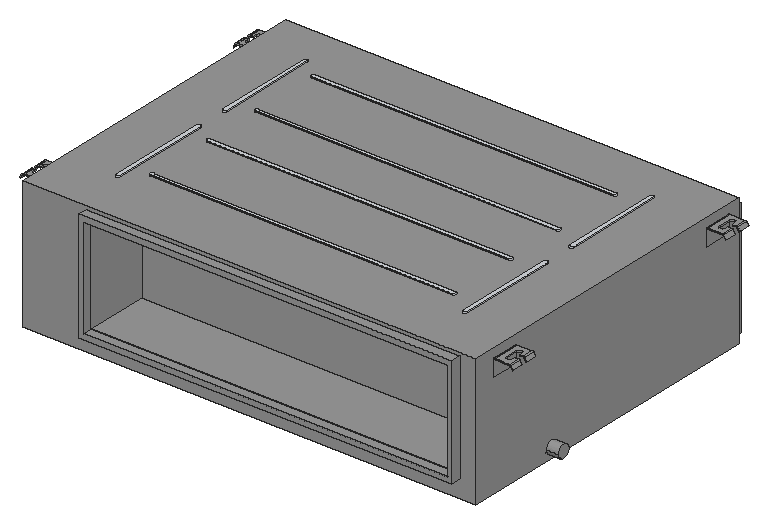
Revit family "GMV-ND56-80PMSA1-T", category 机械设备, Revit 2014
Parameters (values of type "GMV-ND80PMS/A1-T")
  unit width = 900 mm
  unit height = 260 mm
  unit depth = 654.5 mm
  liquid pipe = 9.52 mm
  heating capacity = 9000 W
  gas pipe = 15.9 mm
  drain pipe = 25 mm
  cooling capacity = 8000 W
  air return width = 871 mm
  air return height = 232.777 mm
  air outlet width = 739.6 mm
  air outlet height = 215 mm
Types (5, lengths in mm): name | heating capacity | cooling capacity
  (no name) | 9000 W | 8000 W
  GMV-ND56PMS/A1-T | 6300 W | 5600 W
  GMV-ND63PMS/A1-T | 7100 W | 6300 W
  GMV-ND71PMS/A1-T | 8000 W | 7100 W
  GMV-ND80PMS/A1-T | 9000 W | 8000 W
Reference planes
  plane 1 "中心(前/后)": y = 0
  plane 2: z = 0
  plane 3 "中心(左/右)": x = 0
  plane 4: z = 253.8
  plane 5: z = 38.8
  plane 6: y = -348.282
Forms (mm)
  Extrusion 1, solid, material "cabinet"
    sketch origin (0, 0, 0) x (1, 0, 0) y (0, 1, 0)
      loop
        line (-450, 306.218) -> (-450, -347.282) -> (450, -347.282) -> (450, 306.218) -> (-450, 306.218)
    from 0 to 260
  Extrusion 2, solid
    sketch origin (0, 0, 0) x (1, 0, 0) y (0, 1, 0)
      loop
        arc (-341.381, 222.468) -> (-345, 226.087) -> (-348.619, 222.468) r 3.619
        line (-348.619, 222.468) -> (-348.619, 22.468)
        arc (-348.619, 22.468) -> (-345, 18.849) -> (-341.381, 22.468) r 3.619
        line (-341.381, 22.468) -> (-341.381, 222.468)
      loop
        arc (348.619, 222.468) -> (345, 226.087) -> (341.381, 222.468) r 3.619
        line (341.381, 222.468) -> (341.381, 22.468)
        arc (341.381, 22.468) -> (345, 18.849) -> (348.619, 22.468) r 3.619
        line (348.619, 22.468) -> (348.619, 222.468)
      loop
        arc (348.619, -41.907) -> (345, -38.288) -> (341.381, -41.907) r 3.619
        line (341.381, -41.907) -> (341.381, -241.907)
        arc (341.381, -241.907) -> (345, -245.526) -> (348.619, -241.907) r 3.619
        line (348.619, -241.907) -> (348.619, -41.907)
      loop
        arc (-341.381, -42.363) -> (-345, -38.744) -> (-348.619, -42.363) r 3.619
        line (-348.619, -42.363) -> (-348.619, -242.363)
        arc (-348.619, -242.363) -> (-345, -245.982) -> (-341.381, -242.363) r 3.619
        line (-341.381, -242.363) -> (-341.381, -42.363)
      loop
        arc (-305, 196.337) -> (-308.619, 192.718) -> (-305, 189.099) r 3.619
        line (-305, 189.099) -> (295, 189.099)
        arc (295, 189.099) -> (298.619, 192.718) -> (295, 196.337) r 3.619
        line (295, 196.337) -> (-305, 196.337)
      loop
        arc (-305, 56.337) -> (-308.619, 52.718) -> (-305, 49.099) r 3.619
        line (-305, 49.099) -> (295, 49.099)
        arc (295, 49.099) -> (298.619, 52.718) -> (295, 56.337) r 3.619
        line (295, 56.337) -> (-305, 56.337)
      loop
        arc (-305, -63.663) -> (-308.619, -67.282) -> (-305, -70.901) r 3.619
        line (-305, -70.901) -> (295, -70.901)
        arc (295, -70.901) -> (298.619, -67.282) -> (295, -63.663) r 3.619
        line (295, -63.663) -> (-305, -63.663)
      loop
        arc (-305, -203.663) -> (-308.619, -207.282) -> (-305, -210.901) r 3.619
        line (-305, -210.901) -> (295, -210.901)
        arc (295, -210.901) -> (298.619, -207.282) -> (295, -203.663) r 3.619
        line (295, -203.663) -> (-305, -203.663)
    from 260 to 261.8
  Extrusion 3, solid, material "cabinet"
    sketch origin (0, 0, 0) x (1, 0, 0) y (0, 0, 1)
      loop
        line (-324.234, 253.8) -> (-324.234, 33.75) -> (418.473, 33.75) -> (418.473, 253.8) -> (-324.234, 253.8)
    from 347.282 to 366.532
  Extrusion 4, void
    sketch origin (0, 0, 0) x (1, 0, 0) y (0, 0, 1)
      loop
        line (-314.734, 243.3) -> (-314.734, 44.25) -> (409.766, 44.25) -> (409.766, 243.3) -> (-314.734, 243.3)
    from 221.543 to 417.585
  Extrusion 5, solid, material "cabinet"
    sketch origin (0, 0, 0) x (1, 0, 0) y (0, 0, 1)
      loop
        line (-488.597, 233.443) -> (-484.847, 239.939)
        arc (-484.847, 239.939) -> (-484.436, 240.35) -> (-483.876, 240.5) r 1.121
        line (-483.876, 240.5) -> (-451.959, 240.5)
        arc (-451.959, 240.5) -> (-451.447, 240.288) -> (-451.234, 239.775) r 0.725
        line (-451.234, 239.775) -> (-451.234, 208.745) -> (-449.234, 208.745) -> (-449.234, 240)
        arc (-449.234, 240) -> (-449.967, 241.768) -> (-451.734, 242.5) r 2.5
        line (-451.734, 242.5) -> (-484.234, 242.5)
        arc (-484.234, 242.5) -> (-485.484, 242.165) -> (-486.399, 241.25) r 2.5
        line (-486.399, 241.25) -> (-490.329, 234.443) -> (-488.597, 233.443)
    from 249.282 to 304.282
  Extrusion 6, void
    sketch origin (0, 0, 0) x (1, 0, 0) y (0, 1, 0)
      loop
        line (-490.329, -270.767) -> (-490.329, -282.782) -> (-477, -282.782) -> (-477, -288.282)
        arc (-477, -288.282) -> (-471, -294.282) -> (-465, -288.282) r 6
        line (-465, -288.282) -> (-465, -265.282)
        arc (-465, -265.282) -> (-471, -259.282) -> (-477, -265.282) r 6
        line (-477, -265.282) -> (-477, -270.767) -> (-490.329, -270.767)
    from 231.214 to 250
  Extrusion 7, solid, material "cabinet"
    sketch origin (0, 529.75, 0) x (1, 0, 0) y (0, 0, 1)
      loop
        line (-488.597, 233.443) -> (-484.847, 239.939)
        arc (-484.847, 239.939) -> (-484.436, 240.35) -> (-483.876, 240.5) r 1.121
        line (-483.876, 240.5) -> (-451.959, 240.5)
        arc (-451.959, 240.5) -> (-451.447, 240.288) -> (-451.234, 239.775) r 0.725
        line (-451.234, 239.775) -> (-451.234, 208.745) -> (-449.234, 208.745) -> (-449.234, 240)
        arc (-449.234, 240) -> (-449.967, 241.768) -> (-451.734, 242.5) r 2.5
        line (-451.734, 242.5) -> (-484.234, 242.5)
        arc (-484.234, 242.5) -> (-485.484, 242.165) -> (-486.399, 241.25) r 2.5
        line (-486.399, 241.25) -> (-490.329, 234.443) -> (-488.597, 233.443)
    from 249.282 to 304.282
  Extrusion 8, void
    sketch origin (0, 529.75, 0) x (1, 0, 0) y (0, 1, 0)
      loop
        line (-490.329, -270.767) -> (-490.329, -282.782) -> (-477, -282.782) -> (-477, -288.282)
        arc (-477, -288.282) -> (-471, -294.282) -> (-465, -288.282) r 6
        line (-465, -288.282) -> (-465, -265.282)
        arc (-465, -265.282) -> (-471, -259.282) -> (-477, -265.282) r 6
        line (-477, -265.282) -> (-477, -270.767) -> (-490.329, -270.767)
    from 231.214 to 250
  Extrusion 9, solid, material "cabinet"
    sketch origin (0, 0, 0) x (-1, 0, 0) y (0, 0, -1)
      loop
        line (-488.597, -233.443) -> (-490.329, -234.443) -> (-486.399, -241.25)
        arc (-486.399, -241.25) -> (-485.484, -242.165) -> (-484.234, -242.5) r 2.5
        line (-484.234, -242.5) -> (-451.734, -242.5)
        arc (-451.734, -242.5) -> (-449.967, -241.768) -> (-449.234, -240) r 2.5
        line (-449.234, -240) -> (-449.234, -208.745) -> (-451.234, -208.745) -> (-451.234, -239.775)
        arc (-451.234, -239.775) -> (-451.447, -240.288) -> (-451.959, -240.5) r 0.725
        line (-451.959, -240.5) -> (-483.876, -240.5)
        arc (-483.876, -240.5) -> (-484.436, -240.35) -> (-484.847, -239.939) r 1.121
        line (-484.847, -239.939) -> (-488.597, -233.443)
    from 249.282 to 304.282
  Extrusion 10, void
    sketch origin (0, 0, 0) x (-1, 0, 0) y (0, -1, 0)
      loop
        line (-490.329, 270.767) -> (-477, 270.767) -> (-477, 265.282)
        arc (-477, 265.282) -> (-471, 259.282) -> (-465, 265.282) r 6
        line (-465, 265.282) -> (-465, 288.282)
        arc (-465, 288.282) -> (-471, 294.282) -> (-477, 288.282) r 6
        line (-477, 288.282) -> (-477, 282.782) -> (-490.329, 282.782) -> (-490.329, 270.767)
    from 231.214 to 250
  Extrusion 11, solid, material "cabinet"
    sketch origin (0, 529.75, 0) x (-1, 0, 0) y (0, 0, -1)
      loop
        line (-488.597, -233.443) -> (-490.329, -234.443) -> (-486.399, -241.25)
        arc (-486.399, -241.25) -> (-485.484, -242.165) -> (-484.234, -242.5) r 2.5
        line (-484.234, -242.5) -> (-451.734, -242.5)
        arc (-451.734, -242.5) -> (-449.967, -241.768) -> (-449.234, -240) r 2.5
        line (-449.234, -240) -> (-449.234, -208.745) -> (-451.234, -208.745) -> (-451.234, -239.775)
        arc (-451.234, -239.775) -> (-451.447, -240.288) -> (-451.959, -240.5) r 0.725
        line (-451.959, -240.5) -> (-483.876, -240.5)
        arc (-483.876, -240.5) -> (-484.436, -240.35) -> (-484.847, -239.939) r 1.121
        line (-484.847, -239.939) -> (-488.597, -233.443)
    from 249.282 to 304.282
  Extrusion 12, void
    sketch origin (0, 529.75, 0) x (-1, 0, 0) y (0, -1, 0)
      loop
        line (-490.329, 270.767) -> (-477, 270.767) -> (-477, 265.282)
        arc (-477, 265.282) -> (-471, 259.282) -> (-465, 265.282) r 6
        line (-465, 265.282) -> (-465, 288.282)
        arc (-465, 288.282) -> (-471, 294.282) -> (-477, 288.282) r 6
        line (-477, 288.282) -> (-477, 282.782) -> (-490.329, 282.782) -> (-490.329, 270.767)
    from 231.214 to 250
  Extrusion 13, solid, material "cabinet"
    sketch origin (0, 0, 0) x (1, 0, 0) y (0, 1, 0)
      loop
        line (444.234, 318.468) -> (-426.766, 318.468) -> (-426.766, 306.218) -> (444.234, 306.218) -> (444.234, 318.468)
    from 11.282 to 244.059
  Extrusion 14, void
    sketch origin (0, 0, 0) x (1, 0, 0) y (0, 0, 1)
      loop
        line (430.908, 228.72) -> (-410, 228.72) -> (-410, 25) -> (430.908, 25) -> (430.908, 228.72)
    from -477.042 to -241.518
  Extrusion 15, solid, material "copper pipe"
    sketch origin (0, 0, 0) x (0, 1, 0) y (0, 0, 1)
      loop
        circle (-143.309, 159.152) r 7.95
    from -518.768 to -440
  Extrusion 16, solid, material "copper pipe"
    sketch origin (0, 0, 0) x (0, 1, 0) y (0, 0, 1)
      loop
        circle (-202.624, 122.765) r 4.76
    from -524.024 to -440
  Extrusion 17, solid, material "drain"
    sketch origin (0, 0, 0) x (0, 1, 0) y (0, 0, 1)
      loop
        circle (-159.663, 20.992) r 12.5
    from -474.951 to -440
  Extrusion 18, solid, material "drain"
    sketch origin (0, 0, 0) x (0, 1, 0) y (0, 0, -1)
      loop
        circle (-159.663, -20.992) r 12.5
    from -474.951 to -440
Cuts and joins
  Extrusion 4, Extrusion 14 cuts Extrusion 1
  Extrusion 4 cuts Extrusion 3
  Extrusion 6, Extrusion 8, Extrusion 10 cuts Extrusion 5
  Extrusion 8, Extrusion 12 cuts Extrusion 7
  Extrusion 10 cuts Extrusion 9
  Extrusion 12 cuts Extrusion 11
  Extrusion 14 cuts Extrusion 13
Dimensions and locks
  "air outlet height": plane 4 to plane 5
  "air return width": cut or joined group of Extrusion 13, Extrusion 14 to cut or joined group of Extrusion 13, Extrusion 14
  "air return height": cut or joined group of Extrusion 13, Extrusion 14 to cut or joined group of Extrusion 13, Extrusion 14
  "unit width": cut or joined group of Extrusion 1, Extrusion 4, Extrusion 14 to cut or joined group of Extrusion 1, Extrusion 4, Extrusion 14
  "unit depth": plane 6 to cut or joined group of Extrusion 1, Extrusion 4, Extrusion 14
  "unit height": cut or joined group of Extrusion 1, Extrusion 4, Extrusion 14 to level
  "gas pipe": diameter of Extrusion 15 sketch curve
  "liquid pipe": diameter of Extrusion 16 sketch curve
  "drain pipe": diameter of Extrusion 17 sketch curve
  "drain pipe": diameter of Extrusion 18 sketch curve
  aligned and locked: level to plane 2
Automatic sketch dimensions
  Extrusion 1 sketch curve to plane 3 "中心(左/右)" = 450 mm
  plane 3 "中心(左/右)" to Extrusion 1 sketch curve = 450 mm
  plane 1 "中心(前/后)" to Extrusion 1 sketch curve = 347.282 mm
  Extrusion 1 sketch curve to plane 1 "中心(前/后)" = 306.218 mm
  Extrusion 2 sketch curve to plane 1 "中心(前/后)" = 22.468 mm  (x2)
  Extrusion 2 sketch curve to plane 3 "中心(左/右)" = 348.619 mm
  Extrusion 2 sketch curve to Extrusion 2 sketch curve = 0 mm  (x3)
  Extrusion 2 sketch curve to Extrusion 2 sketch curve = 3.619 mm  (x6)
  Extrusion 2 sketch curve to Extrusion 2 sketch curve = 36.381 mm  (x4)
  plane 3 "中心(左/右)" to Extrusion 2 sketch curve = 295 mm  (x2)
  Extrusion 2 sketch curve to plane 1 "中心(前/后)" = 196.337 mm
  plane 1 "中心(前/后)" to Extrusion 2 sketch curve = 67.282 mm
  Extrusion 2 sketch curve to plane 1 "中心(前/后)" = 56.337 mm
  Extrusion 2 sketch curve to Extrusion 2 sketch curve = 46.381 mm  (x2)
  Extrusion 2 sketch curve to Extrusion 2 sketch curve = 132.762 mm
  Extrusion 2 sketch curve to Extrusion 2 sketch curve = 31.006 mm
  Extrusion 2 sketch curve to Extrusion 2 sketch curve = 31.462 mm
  plane 1 "中心(前/后)" to Extrusion 2 sketch curve = 42.363 mm
  plane 1 "中心(前/后)" to Extrusion 2 sketch curve = 41.907 mm
  Extrusion 2 sketch curve to Extrusion 2 sketch curve = 7.238 mm  (x2)
  Extrusion 2 sketch curve to Extrusion 2 sketch curve = 26.131 mm  (x2)
  level to Extrusion 3 sketch curve = 33.75 mm
  Extrusion 3 sketch curve to plane 3 "中心(左/右)" = 324.234 mm
  plane 3 "中心(左/右)" to Extrusion 3 sketch curve = 418.473 mm
  Extrusion 3 sketch curve to Extrusion 3 sketch curve = 220.05 mm
  level to Extrusion 4 sketch curve = 44.25 mm
  Extrusion 4 sketch curve to plane 3 "中心(左/右)" = 314.734 mm
  plane 3 "中心(左/右)" to Extrusion 4 sketch curve = 409.766 mm
  Extrusion 4 sketch curve to Extrusion 4 sketch curve = 199.05 mm
  Extrusion 5 sketch curve to plane 3 "中心(左/右)" = 490.329 mm
  level to Extrusion 5 sketch curve = 233.443 mm
  Extrusion 5 sketch curve to Extrusion 5 sketch curve = 1.732 mm
  level to Extrusion 5 sketch curve = 241.25 mm
  Extrusion 5 sketch curve to Extrusion 5 sketch curve = 3.93 mm
  level to Extrusion 5 sketch curve = 239.939 mm
  Extrusion 5 sketch curve to Extrusion 5 sketch curve = 0.612 mm
  Extrusion 5 sketch curve to Extrusion 5 sketch curve = 0.359 mm
  Extrusion 5 sketch curve to Extrusion 5 sketch curve = 31.917 mm
  Extrusion 5 sketch curve to Extrusion 5 sketch curve = 0.225 mm  (x2)
  Extrusion 5 sketch curve to Extrusion 5 sketch curve = 0.5 mm
  Extrusion 5 sketch curve to Extrusion 5 sketch curve = 2 mm
  Extrusion 5 sketch curve to Extrusion 5 sketch curve = 24.698 mm
  Extrusion 5 sketch curve to Extrusion 5 sketch curve = 0.561 mm
  Extrusion 6 sketch curve to plane 3 "中心(左/右)" = 490.329 mm
  Extrusion 6 sketch curve to Extrusion 6 sketch curve = 13.329 mm
  Extrusion 6 sketch curve to Extrusion 6 sketch curve = 0 mm
  Extrusion 6 sketch curve to Extrusion 6 sketch curve = 6 mm
  plane 1 "中心(前/后)" to Extrusion 6 sketch curve = 288.282 mm
  Extrusion 6 sketch curve to Extrusion 6 sketch curve = 5.5 mm
  Extrusion 6 sketch curve to Extrusion 6 sketch curve = 12.014 mm
  Extrusion 6 sketch curve to Extrusion 6 sketch curve = 5.486 mm
  Extrusion 7 sketch curve to plane 3 "中心(左/右)" = 490.329 mm
  level to Extrusion 7 sketch curve = 233.443 mm
  Extrusion 7 sketch curve to Extrusion 7 sketch curve = 1.732 mm
  level to Extrusion 7 sketch curve = 241.25 mm
  Extrusion 7 sketch curve to Extrusion 7 sketch curve = 3.93 mm
  level to Extrusion 7 sketch curve = 239.939 mm
  Extrusion 7 sketch curve to Extrusion 7 sketch curve = 0.612 mm
  Extrusion 7 sketch curve to Extrusion 7 sketch curve = 0.359 mm
  Extrusion 7 sketch curve to Extrusion 7 sketch curve = 31.917 mm
  Extrusion 7 sketch curve to Extrusion 7 sketch curve = 0.225 mm  (x2)
  Extrusion 7 sketch curve to Extrusion 7 sketch curve = 0.5 mm
  Extrusion 7 sketch curve to Extrusion 7 sketch curve = 2 mm
  Extrusion 7 sketch curve to Extrusion 7 sketch curve = 24.698 mm
  Extrusion 7 sketch curve to Extrusion 7 sketch curve = 0.561 mm
  Extrusion 8 sketch curve to plane 3 "中心(左/右)" = 490.329 mm
  Extrusion 8 sketch curve to Extrusion 8 sketch curve = 13.329 mm
  Extrusion 8 sketch curve to Extrusion 8 sketch curve = 0 mm
  Extrusion 8 sketch curve to Extrusion 8 sketch curve = 6 mm
  Extrusion 8 sketch curve to plane 1 "中心(前/后)" = 241.468 mm
  Extrusion 8 sketch curve to Extrusion 8 sketch curve = 5.5 mm
  Extrusion 8 sketch curve to Extrusion 8 sketch curve = 12.014 mm
  Extrusion 8 sketch curve to Extrusion 8 sketch curve = 5.486 mm
  plane 3 "中心(左/右)" to Extrusion 9 sketch curve = 490.329 mm
  level to Extrusion 9 sketch curve = 233.443 mm
  Extrusion 9 sketch curve to Extrusion 9 sketch curve = 1.732 mm
  level to Extrusion 9 sketch curve = 241.25 mm
  Extrusion 9 sketch curve to Extrusion 9 sketch curve = 3.93 mm
  level to Extrusion 9 sketch curve = 239.939 mm
  Extrusion 9 sketch curve to Extrusion 9 sketch curve = 0.612 mm
  Extrusion 9 sketch curve to Extrusion 9 sketch curve = 0.359 mm
  Extrusion 9 sketch curve to Extrusion 9 sketch curve = 31.917 mm
  Extrusion 9 sketch curve to Extrusion 9 sketch curve = 0.225 mm
  Extrusion 9 sketch curve to Extrusion 9 sketch curve = 0.5 mm  (x2)
  Extrusion 9 sketch curve to Extrusion 9 sketch curve = 2 mm
  Extrusion 9 sketch curve to Extrusion 9 sketch curve = 1.25 mm
  Extrusion 9 sketch curve to Extrusion 9 sketch curve = 31.031 mm
  plane 3 "中心(左/右)" to Extrusion 10 sketch curve = 490.329 mm
  Extrusion 10 sketch curve to Extrusion 10 sketch curve = 13.329 mm
  Extrusion 10 sketch curve to Extrusion 10 sketch curve = 0 mm
  Extrusion 10 sketch curve to Extrusion 10 sketch curve = 6 mm
  plane 1 "中心(前/后)" to Extrusion 10 sketch curve = 265.282 mm
  Extrusion 10 sketch curve to Extrusion 10 sketch curve = 5.486 mm
  Extrusion 10 sketch curve to Extrusion 10 sketch curve = 12.014 mm
  Extrusion 10 sketch curve to Extrusion 10 sketch curve = 5.5 mm
  plane 3 "中心(左/右)" to Extrusion 11 sketch curve = 490.329 mm
  level to Extrusion 11 sketch curve = 233.443 mm
  Extrusion 11 sketch curve to Extrusion 11 sketch curve = 1.732 mm
  level to Extrusion 11 sketch curve = 241.25 mm
  Extrusion 11 sketch curve to Extrusion 11 sketch curve = 3.93 mm
  level to Extrusion 11 sketch curve = 239.939 mm
  Extrusion 11 sketch curve to Extrusion 11 sketch curve = 0.612 mm
  Extrusion 11 sketch curve to Extrusion 11 sketch curve = 0.359 mm
  Extrusion 11 sketch curve to Extrusion 11 sketch curve = 31.917 mm
  Extrusion 11 sketch curve to Extrusion 11 sketch curve = 0.225 mm
  Extrusion 11 sketch curve to Extrusion 11 sketch curve = 0.5 mm  (x2)
  Extrusion 11 sketch curve to Extrusion 11 sketch curve = 2 mm
  Extrusion 11 sketch curve to Extrusion 11 sketch curve = 1.25 mm
  Extrusion 11 sketch curve to Extrusion 11 sketch curve = 31.031 mm
  plane 3 "中心(左/右)" to Extrusion 12 sketch curve = 490.329 mm
  Extrusion 12 sketch curve to Extrusion 12 sketch curve = 13.329 mm
  Extrusion 12 sketch curve to Extrusion 12 sketch curve = 0 mm
  Extrusion 12 sketch curve to Extrusion 12 sketch curve = 6 mm
  Extrusion 12 sketch curve to plane 1 "中心(前/后)" = 264.468 mm
  Extrusion 12 sketch curve to Extrusion 12 sketch curve = 5.486 mm
  Extrusion 12 sketch curve to Extrusion 12 sketch curve = 12.014 mm
  Extrusion 12 sketch curve to Extrusion 12 sketch curve = 5.5 mm
  Extrusion 13 sketch curve to plane 3 "中心(左/右)" = 426.766 mm
  plane 3 "中心(左/右)" to Extrusion 13 sketch curve = 444.234 mm
  Extrusion 13 sketch curve to plane 1 "中心(前/后)" = 306.218 mm
  Extrusion 13 sketch curve to Extrusion 13 sketch curve = 12.25 mm
  Extrusion 14 sketch curve to plane 3 "中心(左/右)" = 410 mm
  level to Extrusion 14 sketch curve = 25 mm
  plane 3 "中心(左/右)" to Extrusion 14 sketch curve = 430.908 mm
  Extrusion 14 sketch curve to Extrusion 14 sketch curve = 203.72 mm
  plane 1 "中心(前/后)" to Extrusion 15 sketch curve = 143.309 mm
  plane 4 to Extrusion 15 sketch curve = 94.648 mm
  Extrusion 16 sketch curve to plane 6 = 145.658 mm
  plane 5 to Extrusion 16 sketch curve = 83.965 mm
  Extrusion 17 sketch curve to plane 5 = 17.808 mm
  plane 1 "中心(前/后)" to Extrusion 17 sketch curve = 159.663 mm
  Extrusion 18 sketch curve to plane 5 = 17.808 mm
  plane 1 "中心(前/后)" to Extrusion 18 sketch curve = 159.663 mm
Connectors
  piping at (-518.768, -143.309, 159.152), diameter 15.9, driven by "gas pipe"
    settings: on Extrusion 15, index 1, connector inside diameter 609.6 mm, connector length 0 mm, flow factor 0, pipe flow 0.0 L/s, pressure drop 0.0 Pa, fitting loss kfactor 0, connector angle 0.00°, fixture units 0, engagement length 0 mm, angle of deflection 0.00°, flow configuration 0, flow direction 0, fitting loss method 0, system type 8, joint type 0, gender type 0, connector reference index -1, connector utility 0, adjustable connector no, is connector primary yes, connector description ""
  piping at (-524.024, -202.624, 122.765), diameter 9.52, driven by "liquid pipe"
    settings: on Extrusion 16, index 2, connector inside diameter 609.6 mm, connector length 0 mm, flow factor 0, pipe flow 0.0 L/s, pressure drop 0.0 Pa, fitting loss kfactor 0, connector angle 0.00°, fixture units 0, engagement length 0 mm, angle of deflection 0.00°, flow configuration 0, flow direction 0, fitting loss method 0, system type 7, joint type 0, gender type 0, connector reference index -1, connector utility 0, adjustable connector no, is connector primary no, connector description ""
  piping at (-474.951, -159.663, 20.992), diameter 25, driven by "drain pipe"
    settings: on Extrusion 17, index 3, connector inside diameter 609.6 mm, connector length 0 mm, flow factor 0, pipe flow 0.0 L/s, pressure drop 0.0 Pa, fitting loss kfactor 0, connector angle 0.00°, fixture units 0, engagement length 0 mm, angle of deflection 0.00°, flow configuration 0, flow direction 0, fitting loss method 0, system type 7, joint type 0, gender type 0, connector reference index -1, connector utility 0, adjustable connector no, is connector primary no, connector description ""
  piping at (474.951, -159.663, 20.992), diameter 25, driven by "drain pipe"
    settings: on Extrusion 18, index 4, connector inside diameter 609.6 mm, connector length 0 mm, flow factor 0, pipe flow 0.0 L/s, pressure drop 0.0 Pa, fitting loss kfactor 0, connector angle 0.00°, fixture units 0, engagement length 0 mm, angle of deflection 0.00°, flow configuration 0, flow direction 0, fitting loss method 0, system type 7, joint type 0, gender type 0, connector reference index -1, connector utility 0, adjustable connector no, is connector primary no, connector description ""
  hvac at (47.516, -366.532, 143.775), driven by "air outlet height", driven by "air outlet width"
    settings: on cut or joined group of Extrusion 3, Extrusion 4, index 5, duct flow 0.0 L/s, flow factor 0, pres drop 0.0 Pa, loss coef 0, conn angle 0.00°, conn width 739.6 mm, conn height 215 mm, conn diameter 609.6 mm, duct sys type 1, conn prof type 1, flow config 0, flow direction 0, loss method 0, conn ref index -1, conn util no, is conn primary yes, conn desc ""
  hvac at (10.454, 318.468, 126.86), driven by "air return height", driven by "air return width"
    settings: on cut or joined group of Extrusion 13, Extrusion 14, index 6, duct flow 0.0 L/s, flow factor 0, pres drop 0.0 Pa, loss coef 0, conn angle 0.00°, conn width 871 mm, conn height 232.777 mm, conn diameter 609.6 mm, duct sys type 2, conn prof type 1, flow config 0, flow direction 0, loss method 0, conn ref index -1, conn util no, is conn primary no, conn desc ""
